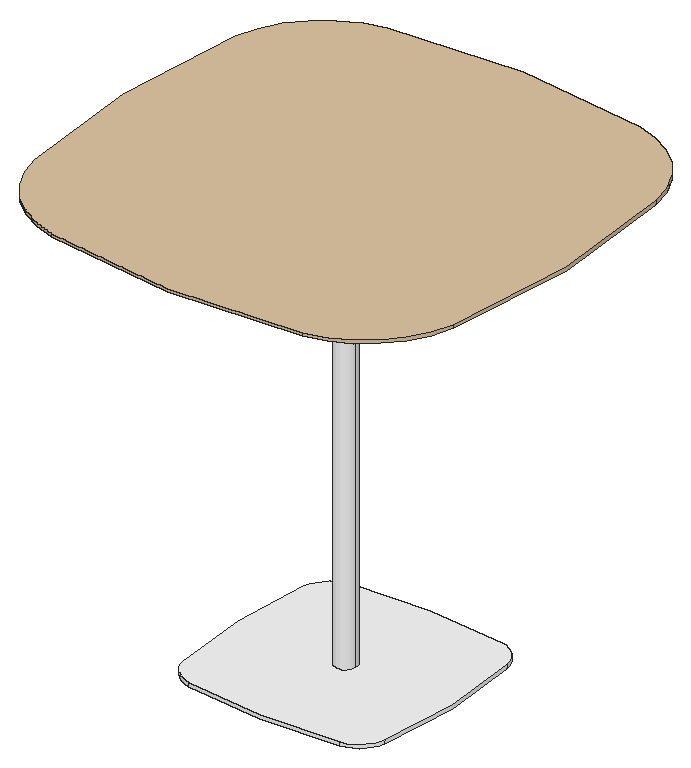
Revit family "TBL4 Steelcase Coalesse - Enea Lottus - Table - Cafe", category Furniture, Revit 2017
Family settings
  Work Plane-Based = No
  Always vertical = Yes
  Cut with Voids When Loaded = No
  Shared = No
  Room Calculation Point = No
Parameters (values of type "Bar Height - 42" W")
  Width = 42.34"
  URL = "http://www.coalesse.com/"
  Type Comments = ""
  Top [instance] = none
  Symbol Name = "COL442"
  Style Number(s) = "COEL4242"
  Release Date = "January 2011"  # constant formula
  Product Line = "Coalesse Seating / Occasional Tables"  # constant formula
  Product = "Enea Lottus"  # constant formula
  Opaque [instance] = yes
  Model = ""
  Manufacturer = "Steelcase"  # constant formula
  Height = 42.00"
  Draw in Foreground [instance] = yes
  Description = ""  # constant formula
  Copyright = "© 2010 Steelcase Inc."  # constant formula
  Center = Width / 2  # 21.17"
  Base/Frame [instance] = none
  AutoCAD Tag = "42/42"
  Authoring Version = "Revit Architecture 2009"  # constant formula
  Assembly Code = "E2020200"
  42'' W (Opaque) [instance] = and([42'' W], Opaque)  # yes
  42'' W = and(Width = 42.34")  # yes
  36'' W (Opaque) [instance] = and([36'' W], Opaque)  # no
  36'' W = and(Width = 36.34")  # no
  30'' W (Opaque) [instance] = and([30'' W], Opaque)  # no
  30'' W = and(Width = 30.34")  # no
  24'' W (Opaque) [instance] = and([24'' W], Opaque)  # no
  24'' W = and(Width = 24.00")  # no
Types (8): name | Width | Symbol Name | Style Number(s) | Height | Center | AutoCAD Tag | 42'' W (Opaque) | 42'' W | 36'' W (Opaque) | 36'' W | 30'' W (Opaque) | 30'' W | 24'' W (Opaque) | 24'' W
  Counter Height - 30" W | 30.34" | "COL630" | "COEL3630" | 36.00" | 15.17" | "30/30" | no | no | no | no | yes | yes | no | no
  Counter Height - 36" W | 36.34" | "COL636" | "COEL3636" | 36.00" | 18.17" | "36/36" | no | no | yes | yes | no | no | no | no
  Counter Height - 42" W | 42.34" | "COL642" | "COEL3642" | 36.00" | 21.17" | "42/42" | yes | yes | no | no | no | no | no | no
  Counter Height - 24" W | 24.00" | "COL624" | "COEL3624" | 36.00" | 12.00" | "24/24" | no | no | no | no | no | no | yes | yes
  Bar Height - 24" W | 24.00" | "COL424" | "COEL4224" | 42.00" | 12.00" | "24/24" | no | no | no | no | no | no | yes | yes
  Bar Height - 30" W | 30.34" | "COL430" | "COEL4230" | 42.00" | 15.17" | "30/30" | no | no | no | no | yes | yes | no | no
  Bar Height - 36" W | 36.34" | "COL436" | "COEL4236" | 42.00" | 18.17" | "36/36" | no | no | yes | yes | no | no | no | no
  Bar Height - 42" W | 42.34" | "COL442" | "COEL4242" | 42.00" | 21.17" | "42/42" | yes | yes | no | no | no | no | no | no
Reference planes (in)
  plane 1 "Back": y = 0
  plane 2 "Bottom": z = 0
  plane 3 "Left": x = 0
  plane 4: z = 42
  plane 5: z = 41.70264
  plane 6 "Center (Left/Right)": x = 21.17
  plane 7 "Center (Front/Back)": y = -21.17
  plane 8: z = 41.49717
  plane 9: z = 41.22811
Forms (in)
  Blend 1, solid, material <- "Top", visible <- "30'' W"
    base sketch origin (0, 0, 0) x (1, 0, 0) y (0, 1, 0)
      loop
        arc (7.46634, -0.39817) -> (2.68527, -2.79845) -> (0.2851, -7.57959) r 8.5
        arc (0.2851, -7.57959) -> (-0.28518, -15.63771) -> (0.34658, -23.69125) r 54.28984
        arc (0.34658, -23.69125) -> (2.74237, -28.41348) -> (7.4687, -30.80114) r 8.5
        arc (7.4687, -30.80114) -> (15.51871, -31.41329) -> (23.56964, -30.81343) r 53.77593
        arc (23.56964, -30.81343) -> (28.2729, -28.45946) -> (30.69072, -23.78871) r 8.5
        arc (30.69072, -23.78871) -> (31.35975, -15.58133) -> (30.6832, -7.37456) r 50.39377
        arc (30.6832, -7.37456) -> (28.23007, -2.67563) -> (23.4697, -0.34395) r 8.5
        arc (23.4697, -0.34395) -> (15.4661, 0.19704) -> (7.46634, -0.39817) r 56.63626
    top sketch origin (0, 0, 0) x (1, 0, 0) y (0, 1, 0)
      loop
        arc (7.53866, -0.89291) -> (3.03883, -3.152) -> (0.77984, -7.65189) r 8
        arc (0.77984, -7.65189) -> (0.21482, -15.63581) -> (0.84075, -23.61517) r 53.78984
        arc (0.84075, -23.61517) -> (3.09561, -28.05962) -> (7.54393, -30.30683) r 8
        arc (7.54393, -30.30683) -> (15.51909, -30.91329) -> (23.49516, -30.31901) r 53.27593
        arc (23.49516, -30.31901) -> (27.92176, -28.10351) -> (30.19736, -23.7075) r 8
        arc (30.19736, -23.7075) -> (30.85975, -15.58156) -> (30.18991, -7.45622) r 49.89377
        arc (30.18991, -7.45622) -> (27.88108, -3.0337) -> (23.40074, -0.83917) r 8
        arc (23.40074, -0.83917) -> (15.46779, -0.30296) -> (7.53866, -0.89291) r 56.13626
    from 41.70264 to 41.49717
  Extrusion 2, solid, material <- "Base/Frame"
    sketch origin (21.17, -21.17, 0) x (-1, 0, 0) y (0, -1, 0)
      loop
        circle (0, 0) r 6.87196
    from 41.22811 to 41.49717
  Extrusion 3, solid, material <- "Base/Frame"
    sketch origin (21.17, -21.17, 0) x (-1, 0, 0) y (0, -1, 0)
      loop
        circle (-0.00001, 0) r 0.99065
    from 0.63512 to 41.22811
  Extrusion 4, solid, material <- "Base/Frame"
    sketch origin (21.17, -21.17, 0) x (-1, 0, 0) y (0, -1, 0)
      loop
        arc (9.73023, -7.21803) -> (10.24168, 0.0089) -> (9.67509, 7.23172) r 48.68984
        arc (9.67509, 7.23172) -> (8.8577, 8.84283) -> (7.24519, 9.65745) r 2.9
        arc (7.24519, 9.65745) -> (0.03348, 10.20585) -> (-7.17906, 9.66846) r 48.17593
        arc (-7.17906, 9.66846) -> (-8.78371, 8.86534) -> (-9.60861, 7.27179) r 2.9
        arc (-9.60861, 7.27179) -> (-10.20329, -0.02355) -> (-9.60192, -7.31834) r 44.79377
        arc (-9.60192, -7.31834) -> (-8.76497, -8.9215) -> (-7.14085, -9.71702) r 2.9
        arc (-7.14085, -9.71702) -> (0.07139, -10.20452) -> (7.28015, -9.66816) r 51.03626
        arc (7.28015, -9.66816) -> (8.91134, -8.84924) -> (9.73023, -7.21803) r 2.9
    from 0.32262 to 0.63512
  Extrusion 5, solid
    sketch origin (21.17, -21.17, 0) x (-1, 0, 0) y (0, -1, 0)
      loop
        circle (7.76294, -7.80226) r 0.375
      loop
        circle (-7.76294, -7.80226) r 0.375
      loop
        circle (7.76294, 7.80226) r 0.375
      loop
        circle (-7.76294, 7.80226) r 0.375
    from 0 to 0.32262
  Blend 6, solid, material <- "Top", visible <- "36'' W"
    base sketch origin (0, 0, 0) x (1, 0, 0) y (0, 1, 0)
      loop
        arc (35.65655, -8.32723) -> (33.13184, -3.30654) -> (28.12103, -0.76229) r 9
        arc (28.12103, -0.76229) -> (18.22999, 0.00086) -> (8.33641, -0.72883) r 65.92509
        arc (8.33641, -0.72883) -> (3.30789, -3.26524) -> (0.77148, -8.29376) r 9
        arc (0.77148, -8.29376) -> (0.04177, -18.17046) -> (0.79983, -28.04502) r 65.92509
        arc (0.79983, -28.04502) -> (3.33237, -33.048) -> (8.33535, -35.58054) r 9
        arc (8.33535, -35.58054) -> (18.19299, -36.33857) -> (28.05314, -35.6139) r 65.92509
        arc (28.05314, -35.6139) -> (33.07383, -33.08919) -> (35.61808, -28.07838) r 9
        arc (35.61808, -28.07838) -> (36.3812, -18.20425) -> (35.65655, -8.32723) r 65.92509
    top sketch origin (0, 0, 0) x (1, 0, 0) y (0, 1, 0)
      loop
        arc (35.16205, -8.40116) -> (32.7776, -3.6594) -> (28.04517, -1.2565) r 8.5
        arc (28.04517, -1.2565) -> (18.22914, -0.49914) -> (8.41061, -1.22329) r 65.42509
        arc (8.41061, -1.22329) -> (3.66144, -3.61879) -> (1.26594, -8.36795) r 8.5
        arc (1.26594, -8.36795) -> (0.54177, -18.16974) -> (1.29408, -27.96941) r 65.42509
        arc (1.29408, -27.96941) -> (3.68592, -32.69445) -> (8.41096, -35.08629) r 8.5
        arc (8.41096, -35.08629) -> (18.19384, -35.83858) -> (27.97921, -35.1194) r 65.42509
        arc (27.97921, -35.1194) -> (32.72096, -32.73495) -> (35.12387, -28.00252) r 8.5
        arc (35.12387, -28.00252) -> (35.8812, -18.20328) -> (35.16205, -8.40116) r 65.42509
    from 41.70264 to 41.49717
  Blend 7, solid, material <- "Top", visible <- "42'' W"
    base sketch origin (0, 0, 0) x (1, 0, 0) y (0, 1, 0)
      loop
        arc (41.26072, -9.15984) -> (38.51159, -3.90706) -> (33.27138, -1.13406) r 10
        arc (33.27138, -1.13406) -> (21.188, 0.00003) -> (9.10149, -1.10014) r 65.92509
        arc (9.10149, -1.10014) -> (3.84545, -3.8665) -> (1.08551, -9.12593) r 10
        arc (1.08551, -9.12593) -> (0.00002, -21.17923) -> (1.13614, -33.22785) r 65.92509
        arc (1.13614, -33.22785) -> (3.89405, -38.45162) -> (9.11886, -41.20756) r 10
        arc (9.11886, -41.20756) -> (21.14296, -42.33909) -> (33.17172, -41.25812) r 65.92509
        arc (33.17172, -41.25812) -> (38.42021, -38.51211) -> (41.19432, -33.27842) r 10
        arc (41.19432, -33.27842) -> (42.33988, -21.22219) -> (41.26072, -9.15984) r 65.92509
    top sketch origin (0, 0, 0) x (1, 0, 0) y (0, 1, 0)
      loop
        arc (40.7689, -9.24995) -> (38.15723, -4.25981) -> (33.17903, -1.62546) r 9.5
        arc (33.17903, -1.62546) -> (21.1873, -0.49997) -> (9.19246, -1.5918) r 65.42509
        arc (9.19246, -1.5918) -> (4.19921, -4.21984) -> (1.57727, -9.21629) r 9.5
        arc (1.57727, -9.21629) -> (0.50002, -21.17817) -> (1.62753, -33.13542) r 65.42509
        arc (1.62753, -33.13542) -> (4.24754, -38.098) -> (9.21111, -40.71614) r 9.5
        arc (9.21111, -40.71614) -> (21.14401, -41.83909) -> (33.08154, -40.76632) r 65.42509
        arc (33.08154, -40.76632) -> (38.06761, -38.15761) -> (40.70301, -33.1856) r 9.5
        arc (40.70301, -33.1856) -> (41.83988, -21.22082) -> (40.7689, -9.24995) r 65.42509
    from 41.70264 to 41.49717
  Blend 8, solid, material <- "Top", visible <- "24'' W"
    base sketch origin (30.39697, -30.39697, 0) x (-1, 0, 0) y (0, -1, 0)
      loop
        arc (-2.42528, -3.08512) -> (-2.79118, -9.17386) -> (-2.41877, -15.26221) r 50.39377
        arc (-2.41877, -15.26221) -> (-0.59902, -18.97346) -> (3.12925, -20.75809) r 6.3
        arc (3.12925, -20.75809) -> (9.17301, -21.09627) -> (15.21649, -20.75307) r 53.77593
        arc (15.21649, -20.75307) -> (18.94164, -18.96697) -> (20.75939, -15.25715) r 6.3
        arc (20.75939, -15.25715) -> (21.13118, -9.17387) -> (20.76589, -3.09019) r 50.39377
        arc (20.76589, -3.09019) -> (18.95, 0.62368) -> (15.22294, 2.41234) r 6.3
        arc (15.22294, 2.41234) -> (9.17301, 2.75627) -> (3.12279, 2.41736) r 53.77593
        arc (3.12279, 2.41736) -> (-0.60738, 0.63018) -> (-2.42528, -3.08512) r 6.3
    top sketch origin (30.39697, -30.39697, 0) x (-1, 0, 0) y (0, -1, 0)
      loop
        arc (-1.92891, -3.14526) -> (-2.29118, -9.1736) -> (-1.92246, -15.20154) r 49.89377
        arc (-1.92246, -15.20154) -> (-0.24714, -18.61824) -> (3.18523, -20.26123) r 5.8
        arc (3.18523, -20.26123) -> (9.1728, -20.59627) -> (15.16009, -20.25626) r 53.27593
        arc (15.16009, -20.25626) -> (18.5896, -18.61191) -> (20.26307, -15.19653) r 5.8
        arc (20.26307, -15.19653) -> (20.63118, -9.1736) -> (20.26952, -3.15028) r 49.89377
        arc (20.26952, -3.15028) -> (18.59774, 0.26883) -> (15.16648, 1.91554) r 5.8
        arc (15.16648, 1.91554) -> (9.1728, 2.25627) -> (3.17884, 1.92051) r 53.27593
        arc (3.17884, 1.92051) -> (-0.25529, 0.27517) -> (-1.92891, -3.14526) r 5.8
    from 41.70264 to 41.49717
  Extrusion 9, solid, material <- "Top", visible <- "30'' W"
    sketch origin (69.60734, 28.43728, 0) x (0, -1, 0) y (1, 0, 0)
      loop
        arc (28.83545, -62.141) -> (31.23573, -66.92207) -> (36.01687, -69.32225) r 8.5
        arc (36.01687, -69.32225) -> (44.07499, -69.89252) -> (52.12854, -69.26077) r 54.28984
        arc (52.12854, -69.26077) -> (56.85076, -66.86498) -> (59.23842, -62.13864) r 8.5
        arc (59.23842, -62.13864) -> (59.85057, -54.08864) -> (59.25071, -46.03771) r 53.77593
        arc (59.25071, -46.03771) -> (56.89674, -41.33445) -> (52.22599, -38.91662) r 8.5
        arc (52.22599, -38.91662) -> (44.01861, -38.24759) -> (35.81184, -38.92414) r 50.39377
        arc (35.81184, -38.92414) -> (31.11291, -41.37728) -> (28.78123, -46.13764) r 8.5
        arc (28.78123, -46.13764) -> (28.24024, -54.14124) -> (28.83545, -62.141) r 56.63626
    from 41.70264 to 42
  Extrusion 10, solid, material <- "Top", visible <- "36'' W"
    sketch origin (69.60734, 28.43728, 0) x (0, -1, 0) y (1, 0, 0)
      loop
        arc (64.01782, -61.27199) -> (64.77586, -51.41435) -> (64.05118, -41.5542) r 65.92509
        arc (64.05118, -41.5542) -> (61.52647, -36.53351) -> (56.51566, -33.98926) r 9
        arc (56.51566, -33.98926) -> (46.64153, -33.22615) -> (36.76451, -33.95079) r 65.92509
        arc (36.76451, -33.95079) -> (31.74382, -36.4755) -> (29.19957, -41.48631) r 9
        arc (29.19957, -41.48631) -> (28.43642, -51.37736) -> (29.16611, -61.27093) r 65.92509
        arc (29.16611, -61.27093) -> (31.70252, -66.29946) -> (36.73104, -68.83587) r 9
        arc (36.73104, -68.83587) -> (46.60774, -69.56558) -> (56.4823, -68.80752) r 65.92509
        arc (56.4823, -68.80752) -> (61.48528, -66.27498) -> (64.01782, -61.27199) r 9
    from 41.70264 to 42
  Extrusion 11, solid, material <- "Top", visible <- "42'' W"
    sketch origin (69.60734, 28.43728, 0) x (0, -1, 0) y (1, 0, 0)
      loop
        arc (69.64484, -60.48848) -> (70.77637, -48.46438) -> (69.6954, -36.43563) r 65.92509
        arc (69.6954, -36.43563) -> (66.94939, -31.18713) -> (61.7157, -28.41302) r 10
        arc (61.7157, -28.41302) -> (49.65947, -27.26747) -> (37.59713, -28.34663) r 65.92509
        arc (37.59713, -28.34663) -> (32.34435, -31.09575) -> (29.57134, -36.33597) r 10
        arc (29.57134, -36.33597) -> (28.43725, -48.41934) -> (29.53742, -60.50585) r 65.92509
        arc (29.53742, -60.50585) -> (32.30379, -65.7619) -> (37.56321, -68.52184) r 10
        arc (37.56321, -68.52184) -> (49.61651, -69.60732) -> (61.66514, -68.4712) r 65.92509
        arc (61.66514, -68.4712) -> (66.8889, -65.71329) -> (69.64484, -60.48848) r 10
    from 41.70264 to 42
  Extrusion 12, solid, material <- "Top", visible <- "24'' W"
    sketch origin (21.17, -21.17, 0) x (-1, 0, 0) y (0, -1, 0)
      loop
        arc (-11.64574, -6.03525) -> (-9.82599, -9.74649) -> (-6.09772, -11.53112) r 6.3
        arc (-6.09772, -11.53112) -> (-0.05396, -11.8693) -> (5.98952, -11.5261) r 53.77593
        arc (5.98952, -11.5261) -> (9.71467, -9.74) -> (11.53242, -6.03018) r 6.3
        arc (11.53242, -6.03018) -> (11.90421, 0.0531) -> (11.53893, 6.13678) r 50.39377
        arc (11.53893, 6.13678) -> (9.72303, 9.85065) -> (5.99597, 11.63931) r 6.3
        arc (5.99597, 11.63931) -> (-0.05396, 11.98323) -> (-6.10418, 11.64433) r 53.77593
        arc (-6.10418, 11.64433) -> (-9.83435, 9.85715) -> (-11.65225, 6.14185) r 6.3
        arc (-11.65225, 6.14185) -> (-12.01815, 0.0531) -> (-11.64574, -6.03525) r 50.39377
    from 41.70264 to 42
Lines and regions (in)
  Masking region 1, visible <- "24'' W (Opaque)", built-in parameter 1006206 <- "Draw in Foreground"
    outline origin (-781.76883, 198.18267, 0) x (0, -1, 0) y (1, 0, 0)
      loop
        arc (198.49738, 799.23802) -> (198.15815, 793.83605) -> (198.49787, 788.4341) r 43.15004
        arc (198.49787, 788.4341) -> (200.33895, 784.04832) -> (204.67831, 782.10033) r 6.48164
        arc (204.67831, 782.10033) -> (210.14385, 781.75699) -> (215.60684, 782.13876) r 41.35856
        arc (215.60684, 782.13876) -> (219.75501, 783.88663) -> (221.69487, 787.94857) r 6.33462
        arc (221.69487, 787.94857) -> (222.1094, 793.63714) -> (221.72983, 799.32815) r 40.96619
        arc (221.72983, 799.32815) -> (219.8063, 803.55325) -> (215.5272, 805.35345) r 6.37492
        arc (215.5272, 805.35345) -> (210.10683, 805.73463) -> (204.68695, 805.34658) r 38.38392
        arc (204.68695, 805.34658) -> (200.40323, 803.497) -> (198.49738, 799.23802) r 6.43133
  Masking region 2, visible <- "42'' W (Opaque)", built-in parameter 1006206 <- "Draw in Foreground"
    outline origin (0, 0, 0) x (0, -1, 0) y (1, 0, 0)
      loop
        arc (41.20756, 9.11886) -> (42.33909, 21.14296) -> (41.25812, 33.17172) r 65.92509
        arc (41.25812, 33.17172) -> (38.51211, 38.42021) -> (33.27842, 41.19432) r 10
        arc (33.27842, 41.19432) -> (21.22219, 42.33988) -> (9.15984, 41.26072) r 65.92509
        arc (9.15984, 41.26072) -> (3.90706, 38.51159) -> (1.13406, 33.27138) r 10
        arc (1.13406, 33.27138) -> (-0.00003, 21.188) -> (1.10014, 9.10149) r 65.92509
        arc (1.10014, 9.10149) -> (3.8665, 3.84545) -> (9.12593, 1.08551) r 10
        arc (9.12593, 1.08551) -> (21.17923, 0.00002) -> (33.22785, 1.13614) r 65.92509
        arc (33.22785, 1.13614) -> (38.45162, 3.89405) -> (41.20756, 9.11886) r 10
  Masking region 3, visible <- "36'' W (Opaque)", built-in parameter 1006206 <- "Draw in Foreground"
    outline origin (0, 0, 0) x (0, -1, 0) y (1, 0, 0)
      loop
        arc (35.6139, 28.05314) -> (33.08919, 33.07383) -> (28.07838, 35.61808) r 9
        arc (28.07838, 35.61808) -> (18.20425, 36.3812) -> (8.32723, 35.65655) r 65.92509
        arc (8.32723, 35.65655) -> (3.30654, 33.13184) -> (0.76229, 28.12103) r 9
        arc (0.76229, 28.12103) -> (-0.00086, 18.22999) -> (0.72883, 8.33641) r 65.92509
        arc (0.72883, 8.33641) -> (3.26524, 3.30789) -> (8.29376, 0.77148) r 9
        arc (8.29376, 0.77148) -> (18.17046, 0.04177) -> (28.04502, 0.79983) r 65.92509
        arc (28.04502, 0.79983) -> (33.048, 3.33237) -> (35.58054, 8.33535) r 9
        arc (35.58054, 8.33535) -> (36.33857, 18.19299) -> (35.6139, 28.05314) r 65.92509
  Masking region 4, visible <- "30'' W (Opaque)", built-in parameter 1006206 <- "Draw in Foreground"
    outline origin (0, 0, 0) x (0, -1, 0) y (1, 0, 0)
      loop
        arc (8.47381, 30.7315) -> (2.86316, 28.30899) -> (0.36694, 22.73074) r 8.4235
        arc (0.36694, 22.73074) -> (-0.07737, 15.65544) -> (0.36758, 8.58019) r 56.51626
        arc (0.36758, 8.58019) -> (2.77896, 2.83586) -> (8.46248, 0.28446) r 8.4894
        arc (8.46248, 0.28446) -> (15.62104, -0.16524) -> (22.77625, 0.33479) r 54.16984
        arc (22.77625, 0.33479) -> (28.20936, 2.62409) -> (30.75012, 7.94425) r 8.29684
        arc (30.75012, 7.94425) -> (31.29306, 15.39492) -> (30.79591, 22.84878) r 53.65593
        arc (30.79591, 22.84878) -> (28.27655, 28.38266) -> (22.67194, 30.7405) r 8.34962
        arc (22.67194, 30.7405) -> (15.57255, 31.23975) -> (8.47381, 30.7315) r 50.27377
  reference lines
    curve 1: line (21.17, -21.17, 0) -> (18.67, -21.17, 0)
    curve 2: line (21.17, -29.7256, 0) -> (21.17, -24.7256, 0)
    curve 35: line (0, 0, 0) -> (0, -3, 0)
  symbolic lines, style "Steelcase Coalesse - Table - Line", visible <- "24'' W", built-in parameter 1006206 <- "Draw in Foreground"
    curve 3: arc (17.46919, -0.31471, 0) -> (12.06721, 0.02452, 0) -> (6.66527, -0.3152, 0) r 43.15004
    curve 4: arc (6.66527, -0.3152, 0) -> (2.27949, -2.15629, 0) -> (0.3315, -6.49564, 0) r 6.48164
    curve 5: arc (0.3315, -6.49564, 0) -> (-0.01185, -11.96118, 0) -> (0.36993, -17.42417, 0) r 41.35856
    curve 6: arc (0.36993, -17.42417, 0) -> (2.1178, -21.57234, 0) -> (6.17974, -23.5122, 0) r 6.33462
    curve 7: arc (6.17974, -23.5122, 0) -> (11.86831, -23.92673, 0) -> (17.55931, -23.54716, 0) r 40.96619
    curve 8: arc (17.55931, -23.54716, 0) -> (21.78442, -21.62364, 0) -> (23.58462, -17.34453, 0) r 6.37492
    curve 9: arc (23.58462, -17.34453, 0) -> (23.96579, -11.92416, 0) -> (23.57775, -6.50429, 0) r 38.38392
    curve 10: arc (23.57775, -6.50429, 0) -> (21.72817, -2.22057, 0) -> (17.46919, -0.31471, 0) r 6.43133
  symbolic lines, style "Steelcase Coalesse - Table - Hidden Line", built-in parameter 1006206 <- "Draw in Foreground", detail levels medium+fine
    curve 11: arc (15.24256, -11.37991, 0) -> (21.17, -10.96529, 0) -> (27.08573, -11.5226, 0) r 36.32377
    curve 12: arc (10.96461, -15.40424, 0) -> (12.43829, -12.68485, 0) -> (15.24256, -11.37991, 0) r 4.92643
    curve 13: arc (10.92147, -27.09616, 0) -> (10.46917, -21.24845, 0) -> (10.96461, -15.40424, 0) r 36.29685
    curve 14: arc (14.41974, -31.0395, 0) -> (12.15742, -29.5231, 0) -> (10.92147, -27.09616, 0) r 5.40623
    curve 15: arc (26.7009, -31.1139, 0) -> (20.5574, -31.5596, 0) -> (14.41974, -31.0395, 0) r 39.28428
    curve 16: arc (30.53411, -27.50538, 0) -> (29.09101, -29.81263, 0) -> (26.7009, -31.1139, 0) r 5.36043
    curve 17: arc (30.74898, -16.12529, 0) -> (31.12375, -21.82444, 0) -> (30.53411, -27.50538, 0) r 33.81867
    curve 18: arc (27.08573, -11.5226, 0) -> (29.60474, -13.27686, 0) -> (30.74898, -16.12529, 0) r 5.36291
  symbolic lines, style "Steelcase Coalesse - Table - Line", visible <- "30'' W", built-in parameter 1006206 <- "Draw in Foreground"
    curve 19: arc (22.73074, -0.36694, 0) -> (15.65544, 0.07737, 0) -> (8.58019, -0.36758, 0) r 56.51626
    curve 20: arc (30.7315, -8.47381, 0) -> (28.30899, -2.86316, 0) -> (22.73074, -0.36694, 0) r 8.4235
    curve 21: arc (30.7405, -22.67194, 0) -> (31.23975, -15.57255, 0) -> (30.7315, -8.47381, 0) r 50.27377
    curve 22: arc (22.84878, -30.79591, 0) -> (28.38266, -28.27655, 0) -> (30.7405, -22.67194, 0) r 8.34962
    curve 23: arc (7.94425, -30.75012, 0) -> (15.39492, -31.29306, 0) -> (22.84878, -30.79591, 0) r 53.65593
    curve 24: arc (0.33479, -22.77625, 0) -> (2.62409, -28.20936, 0) -> (7.94425, -30.75012, 0) r 8.29684
    curve 25: arc (0.28446, -8.46248, 0) -> (-0.16524, -15.62104, 0) -> (0.33479, -22.77625, 0) r 54.16984
    curve 26: arc (8.58019, -0.36758, 0) -> (2.83586, -2.77896, 0) -> (0.28446, -8.46248, 0) r 8.4894
  symbolic lines, style "Steelcase Coalesse - Table - Line", visible <- "36'' W", built-in parameter 1006206 <- "Draw in Foreground"
    curve 27: arc (26.66242, -0.47376, 0) -> (18.46711, 0.04089, 0) -> (10.27184, -0.47449, 0) r 65.46278
    curve 28: arc (35.9297, -9.86394, 0) -> (33.12371, -3.36512, 0) -> (26.66242, -0.47376, 0) r 9.75694
    curve 29: arc (35.94012, -26.30964, 0) -> (36.5184, -18.08642, 0) -> (35.9297, -9.86394, 0) r 58.2321
    curve 30: arc (26.79915, -35.71963, 0) -> (33.20904, -32.80145, 0) -> (35.94012, -26.30964, 0) r 9.67137
    curve 31: arc (9.53524, -35.66659, 0) -> (18.16534, -36.29547, 0) -> (26.79915, -35.71963, 0) r 62.14967
    curve 32: arc (0.72119, -26.43046, 0) -> (3.37289, -32.72363, 0) -> (9.53524, -35.66659, 0) r 9.61023
    curve 33: arc (0.6629, -9.85082, 0) -> (0.14201, -18.14257, 0) -> (0.72119, -26.43046, 0) r 62.74493
    curve 34: arc (10.27184, -0.47449, 0) -> (3.61819, -3.2676, 0) -> (0.6629, -9.85082, 0) r 9.83327
  symbolic lines, style "Steelcase Coalesse - Table - Line", visible <- "42'' W", built-in parameter 1006206 <- "Draw in Foreground"
    curve 36: arc (41.26072, -9.15984, 0) -> (38.51159, -3.90706, 0) -> (33.27138, -1.13406, 0) r 10
    curve 37: arc (33.27138, -1.13406, 0) -> (21.188, 0.00003, 0) -> (9.10149, -1.10014, 0) r 65.92509
    curve 38: arc (9.10149, -1.10014, 0) -> (3.84545, -3.8665, 0) -> (1.08551, -9.12593, 0) r 10
    curve 39: arc (1.08551, -9.12593, 0) -> (0.00002, -21.17923, 0) -> (1.13614, -33.22785, 0) r 65.92509
    curve 40: arc (1.13614, -33.22785, 0) -> (3.89405, -38.45162, 0) -> (9.11886, -41.20756, 0) r 10
    curve 41: arc (9.11886, -41.20756, 0) -> (21.14296, -42.33909, 0) -> (33.17172, -41.25812, 0) r 65.92509
    curve 42: arc (33.17172, -41.25812, 0) -> (38.42021, -38.51211, 0) -> (41.19432, -33.27842, 0) r 10
    curve 43: arc (41.19432, -33.27842, 0) -> (42.33988, -21.22219, 0) -> (41.26072, -9.15984, 0) r 65.92509
Dimensions and locks (in)
  "Center": curve 1 to plane 1 "Back"
  "Center": plane 3 "Left" to curve 2
  "Center": plane 3 "Left" to plane 6 "Center (Left/Right)"
  "Center": plane 7 "Center (Front/Back)" to plane 1 "Back"
  plane 4 to plane 5 to plane 8 to plane 9 = 0.29736" locked, 0.20546" locked, 0.26906" locked
  "Height": plane 4 to plane 2 "Bottom"
  aligned and locked: level to plane 2 "Bottom"
  aligned and locked: Blend 7 to plane 5
  aligned and locked: Blend 7 to plane 8
  aligned and locked: Extrusion 2 to plane 9
  aligned and locked: plane 8 to Extrusion 2
  aligned and locked: plane 9 to Extrusion 3
  aligned and locked: plane 5 to Blend 6
  aligned and locked: Blend 6 to plane 8
  aligned and locked: plane 5 to Blend 1
  aligned and locked: Blend 1 to plane 8
  aligned and locked: plane 5 to Blend 8
  aligned and locked: Blend 8 to plane 8
  aligned and locked: curve 35 to plane 3 "Left"
  aligned and locked: Extrusion 11 to plane 5
  aligned and locked: Extrusion 10 to plane 5
  aligned and locked: Extrusion 9 to plane 5
  aligned and locked: Extrusion 12 to plane 5
  aligned and locked: Extrusion 11 to plane 4
  aligned and locked: plane 4 to Extrusion 10
  aligned and locked: plane 4 to Extrusion 9
  aligned and locked: plane 4 to Extrusion 12
Automatic sketch dimensions
  Blend 1 sketch curve to plane 3 "Left" = 19.03401"  (x2)
  plane 3 "Left" to Blend 1 sketch curve = 0.2851"
  Blend 1 sketch curve to Blend 1 sketch curve = 0.00"  (x14)
  plane 3 "Left" to Blend 1 sketch curve = 0.34658"
  plane 1 "Back" to Blend 1 sketch curve = 0.39817"
  plane 3 "Left" to Blend 1 sketch curve = 7.46634"
  plane 3 "Left" to Blend 1 sketch curve = 7.4687"
  Blend 1 sketch curve to Blend 1 sketch curve = 1.22941"
  Blend 1 sketch curve to Blend 1 sketch curve = 8.40103"
  plane 3 "Left" to Blend 1 sketch curve = 15.55976"  (x2)
  plane 3 "Left" to Blend 1 sketch curve = 15.65798"  (x2)
  plane 1 "Back" to Blend 1 sketch curve = 8.76271"  (x2)
  Blend 1 sketch curve to Blend 1 sketch curve = 13.60157"  (x2)
  Blend 1 sketch curve to Blend 1 sketch curve = 13.55597"  (x2)
  Blend 1 sketch curve to Blend 1 sketch curve = 1.26607"
  Blend 1 sketch curve to Blend 1 sketch curve = 8.38588"
  Blend 1 sketch curve to Blend 1 sketch curve = 8.38715"
  plane 3 "Left" to Blend 1 sketch curve = 0.77984"
  plane 3 "Left" to Blend 1 sketch curve = 0.84075"
  plane 1 "Back" to Blend 1 sketch curve = 0.89291"
  plane 3 "Left" to Blend 1 sketch curve = 7.53866"
  plane 3 "Left" to Blend 1 sketch curve = 7.54393"
  Blend 1 sketch curve to Blend 1 sketch curve = 1.15709"
  Blend 1 sketch curve to Blend 1 sketch curve = 1.20367"
  Blend 1 sketch curve to Blend 1 sketch curve = 1.19159"
  Blend 1 sketch curve to Blend 1 sketch curve = 7.8926"
  Blend 1 sketch curve to Blend 1 sketch curve = 7.89379"
  Extrusion 2 sketch curve to curve 1 = 0.00"  (x2)
  curve 1 to Extrusion 3 sketch curve = 0.00"
  Extrusion 3 sketch curve to curve 1 = 0.00001"
  curve 1 to Extrusion 4 sketch curve = 0.17688"
  Extrusion 4 sketch curve to curve 1 = 38.44781"
  Extrusion 4 sketch curve to curve 1 = 9.60861"
  Extrusion 4 sketch curve to Extrusion 4 sketch curve = 0.00"  (x7)
  Extrusion 4 sketch curve to curve 1 = 9.60192"
  Extrusion 4 sketch curve to Extrusion 4 sketch curve = 2.42955"
  Extrusion 4 sketch curve to Extrusion 4 sketch curve = 2.46108"
  Extrusion 4 sketch curve to Extrusion 4 sketch curve = 0.43195"
  Extrusion 4 sketch curve to Extrusion 4 sketch curve = 2.86107"
  Extrusion 4 sketch curve to curve 1 = 0.10153"
  Extrusion 4 sketch curve to curve 1 = 0.0033"
  curve 1 to Extrusion 4 sketch curve = 4.30886"
  curve 1 to Extrusion 4 sketch curve = 4.36071"
  Extrusion 4 sketch curve to Extrusion 4 sketch curve = 0.43633"
  Extrusion 4 sketch curve to Extrusion 4 sketch curve = 0.41944"
  Extrusion 4 sketch curve to Extrusion 4 sketch curve = 2.86623"
  Extrusion 4 sketch curve to Extrusion 4 sketch curve = 2.86952"
  curve 1 to Extrusion 4 sketch curve = 0.00302"
  Extrusion 5 sketch curve to curve 1 = 7.76294"  (x2)
  curve 1 to Extrusion 5 sketch curve = 5.26294"  (x2)
  Extrusion 5 sketch curve to curve 1 = 7.80226"  (x2)
  curve 1 to Extrusion 5 sketch curve = 7.80226"  (x2)
  plane 1 "Back" to Blend 6 sketch curve = 18.07583"  (x2)
  Blend 6 sketch curve to plane 3 "Left" = 29.54377"  (x2)
  plane 3 "Left" to Blend 6 sketch curve = 0.77148"
  Blend 6 sketch curve to Blend 6 sketch curve = 0.00"  (x12)
  plane 3 "Left" to Blend 6 sketch curve = 0.79983"
  plane 3 "Left" to Blend 6 sketch curve = 8.33535"
  plane 1 "Back" to Blend 6 sketch curve = 0.72883"
  plane 3 "Left" to Blend 6 sketch curve = 8.33641"
  Blend 6 sketch curve to Blend 6 sketch curve = 1.33543"
  Blend 6 sketch curve to Blend 6 sketch curve = 8.8965"
  plane 3 "Left" to Blend 6 sketch curve = 18.11848"  (x2)
  plane 3 "Left" to Blend 6 sketch curve = 18.30454"  (x2)
  Blend 6 sketch curve to Blend 6 sketch curve = 1.33087"
  plane 1 "Back" to Blend 6 sketch curve = 0.76229"
  Blend 6 sketch curve to Blend 6 sketch curve = 1.36553"
  Blend 6 sketch curve to Blend 6 sketch curve = 8.8958"
  plane 3 "Left" to Blend 6 sketch curve = 1.26594"
  plane 3 "Left" to Blend 6 sketch curve = 1.29408"
  plane 1 "Back" to Blend 6 sketch curve = 1.22329"
  plane 3 "Left" to Blend 6 sketch curve = 8.41061"
  plane 3 "Left" to Blend 6 sketch curve = 8.41096"
  Blend 6 sketch curve to Blend 6 sketch curve = 8.40591"
  Blend 6 sketch curve to Blend 6 sketch curve = 1.28537"
  Blend 6 sketch curve to Blend 6 sketch curve = 1.25693"
  plane 1 "Back" to Blend 6 sketch curve = 1.2565"
  Blend 6 sketch curve to Blend 6 sketch curve = 1.28967"
  Blend 6 sketch curve to Blend 6 sketch curve = 8.40159"
  Blend 7 sketch curve to plane 3 "Left" = 23.58496"  (x2)
  plane 3 "Left" to Blend 7 sketch curve = 1.08551"
  Blend 7 sketch curve to Blend 7 sketch curve = 0.00"  (x13)
  plane 3 "Left" to Blend 7 sketch curve = 1.13614"
  plane 1 "Back" to Blend 7 sketch curve = 1.10014"
  plane 3 "Left" to Blend 7 sketch curve = 9.10149"
  plane 3 "Left" to Blend 7 sketch curve = 9.11886"
  Blend 7 sketch curve to Blend 7 sketch curve = 1.81934"
  Blend 7 sketch curve to Blend 7 sketch curve = 9.82764"
  plane 3 "Left" to Blend 7 sketch curve = 21.09549"  (x2)
  Blend 7 sketch curve to Blend 7 sketch curve = 1.80359"
  plane 1 "Back" to Blend 7 sketch curve = 1.13406"
  Blend 7 sketch curve to Blend 7 sketch curve = 1.84693"
  Blend 7 sketch curve to Blend 7 sketch curve = 9.8262"
  plane 3 "Left" to Blend 7 sketch curve = 1.57727"
  plane 3 "Left" to Blend 7 sketch curve = 1.62753"
  plane 1 "Back" to Blend 7 sketch curve = 1.5918"
  plane 3 "Left" to Blend 7 sketch curve = 9.19246"
  plane 3 "Left" to Blend 7 sketch curve = 9.21111"
  Blend 7 sketch curve to Blend 7 sketch curve = 1.72837"
  Blend 7 sketch curve to Blend 7 sketch curve = 1.75268"
  Blend 7 sketch curve to Blend 7 sketch curve = 1.71341"
  plane 1 "Back" to Blend 7 sketch curve = 1.62546"
  curve 1 to curve 2 = 0.00"
  curve 2 to curve 1 = 2.50"
  plane 1 "Back" to Blend 1 sketch curve = 0.34395"
  plane 1 "Back" to Blend 1 sketch curve = 0.83917"
  plane 1 "Back" to Blend 6 sketch curve = 8.32723"
  plane 1 "Back" to Blend 6 sketch curve = 8.40116"
  plane 1 "Back" to Blend 7 sketch curve = 9.15984"
  Blend 7 sketch curve to Blend 7 sketch curve = 9.83627"
  Blend 7 sketch curve to Blend 7 sketch curve = 1.75458"
  plane 1 "Back" to Blend 7 sketch curve = 9.24995"
  Blend 6 sketch curve to Blend 6 sketch curve = 17.02595"  (x2)
  plane 1 "Back" to Blend 6 sketch curve = 9.65809"  (x2)
  plane 3 "Left" to Blend 7 sketch curve = 21.28154"  (x2)
  Blend 7 sketch curve to Blend 7 sketch curve = 20.40434"  (x2)
  Blend 7 sketch curve to Blend 7 sketch curve = 0.05632"
  plane 1 "Back" to Blend 7 sketch curve = 10.96202"
  Blend 7 sketch curve to Blend 7 sketch curve = 9.33489"
  Blend 8 sketch curve to curve 1 = 0.08006"  (x2)
  Blend 8 sketch curve to curve 1 = 38.48954"  (x2)
  Blend 8 sketch curve to curve 1 = 11.65225"
  Blend 8 sketch curve to Blend 8 sketch curve = 0.00"  (x14)
  Blend 8 sketch curve to curve 1 = 11.64574"
  Blend 8 sketch curve to curve 1 = 8.60418"
  Blend 8 sketch curve to curve 1 = 8.59772"
  Blend 8 sketch curve to curve 1 = 7.89799"  (x2)
  Blend 8 sketch curve to curve 1 = 7.89229"  (x2)
  Blend 8 sketch curve to curve 1 = 2.57628"  (x4)
  Blend 8 sketch curve to Blend 8 sketch curve = 10.67119"  (x2)
  Blend 8 sketch curve to curve 1 = 5.3796"  (x2)
  Blend 8 sketch curve to Blend 8 sketch curve = 0.0057"  (x2)
  Blend 8 sketch curve to Blend 8 sketch curve = 0.71063"
  Blend 8 sketch curve to curve 1 = 11.63931"
  Blend 8 sketch curve to Blend 8 sketch curve = 0.71138"
  Blend 8 sketch curve to Blend 8 sketch curve = 6.25352"
  Blend 8 sketch curve to curve 1 = 11.15588"
  Blend 8 sketch curve to curve 1 = 11.14943"
  Blend 8 sketch curve to curve 1 = 8.54813"
  Blend 8 sketch curve to curve 1 = 8.54174"
  Blend 8 sketch curve to Blend 8 sketch curve = 0.65423"
  Blend 8 sketch curve to curve 1 = 11.1425"
  Blend 8 sketch curve to Blend 8 sketch curve = 0.65492"
  Blend 8 sketch curve to Blend 8 sketch curve = 5.75721"
  curve 13 to curve 1 = 0.21236"
  curve 13 to curve 1 = 25.59577"
  curve 18 to curve 1 = 9.57898"
  curve 17 to curve 1 = 6.33538"
  curve 17 to curve 1 = 9.36411"
  curve 17 to curve 18 = 3.66325"
  curve 16 to curve 16 = 3.83321"
  curve 16 to curve 1 = 4.24673"
  curve 18 to curve 1 = 4.23862"
  curve 1 to curve 15 = 0.37461"
  curve 1 to curve 11 = 0.43762"
  curve 1 to curve 14 = 2.46839"
  curve 1 to curve 12 = 2.85618"
  curve 1 to curve 12 = 3.42744"
  curve 1 to curve 14 = 4.25026"
  curve 12 to curve 12 = 4.84921"
  curve 15 to curve 13 = 3.49827"
  curve 17 to curve 1 = 0.01601"
  curve 13 to curve 17 = 13.65349"
  curve 1 to curve 13 = 5.76576"
  curve 11 to curve 17 = 4.60269"
  curve 11 to curve 12 = 4.02433"
  curve 1 to curve 16 = 4.73957"
  curve 1 to curve 14 = 4.76536"
  curve 35 to plane 1 "Back" = 0.00"
  curve 35 to curve 35 = 3.00"
  plane 7 "Center (Front/Back)" to curve 2 = 3.5556"
  curve 2 to curve 2 = 5.00"
  Masking region 1 sketch curve to curve 35 = 20.03927"
  Masking region 1 sketch curve to Masking region 1 sketch curve = 17.35398"
  Masking region 1 sketch curve to Masking region 1 sketch curve = 0.00049"
  Masking region 1 sketch curve to Masking region 1 sketch curve = 6.18044"
  Masking region 1 sketch curve to Masking region 1 sketch curve = 6.18957"
  Masking region 1 sketch curve to Masking region 1 sketch curve = 6.42344"
  Masking region 1 sketch curve to Masking region 1 sketch curve = 6.4801"
  Masking region 1 sketch curve to Masking region 1 sketch curve = 5.31147"
  Masking region 1 sketch curve to Masking region 1 sketch curve = 5.45285"
  Masking region 1 sketch curve to Masking region 1 sketch curve = 10.44358"
  Masking region 1 sketch curve to Masking region 1 sketch curve = 10.40373"
  Masking region 1 sketch curve to Masking region 1 sketch curve = 0.16281"
  Masking region 1 sketch curve to Masking region 1 sketch curve = 0.22514"
  Masking region 1 sketch curve to Masking region 1 sketch curve = 6.31317"
  Masking region 1 sketch curve to Masking region 1 sketch curve = 6.36544"
  Masking region 1 sketch curve to Masking region 1 sketch curve = 19.57836"
  Masking region 1 sketch curve to curve 35 = 14.41811"
  Masking region 1 sketch curve to Masking region 1 sketch curve = 14.74961"
  Masking region 1 sketch curve to Masking region 1 sketch curve = 0.03843"
  Masking region 1 sketch curve to Masking region 1 sketch curve = 5.80981"
  Masking region 1 sketch curve to Masking region 1 sketch curve = 6.33377"
  Masking region 1 sketch curve to Masking region 1 sketch curve = 5.32889"
  Masking region 1 sketch curve to Masking region 1 sketch curve = 5.49016"
  Masking region 1 sketch curve to Masking region 1 sketch curve = 0.31851"
  curve 7 to curve 35 = 20.03927"
  curve 7 to curve 3 = 17.35398"
  curve 10 to curve 4 = 0.00049"
  curve 4 to curve 5 = 6.18044"
  curve 10 to curve 10 = 6.18957"
  curve 10 to curve 10 = 0.23386"
  curve 5 to curve 4 = 0.29966"
  curve 9 to curve 5 = 5.31147"
  curve 4 to curve 9 = 5.45285"
  curve 10 to curve 8 = 10.44358"
  curve 4 to curve 6 = 10.40373"
  curve 8 to curve 9 = 0.16281"
  curve 6 to curve 6 = 0.22514"
  curve 6 to curve 6 = 6.31317"
  curve 8 to curve 7 = 6.36544"
  curve 23 to curve 3 = 65.48815"
  curve 23 to curve 20 = 22.72957"
  curve 20 to curve 26 = 0.00064"
  curve 19 to curve 25 = 8.09491"
  curve 19 to curve 21 = 8.10686"
  curve 21 to curve 20 = 0.3063"
  curve 19 to curve 26 = 8.48739"
  curve 20 to curve 25 = 6.95675"
  curve 25 to curve 21 = 7.14194"
  curve 20 to curve 22 = 13.67859"
  curve 26 to curve 24 = 13.6264"
  curve 22 to curve 21 = 0.21324"
  curve 24 to curve 24 = 0.29488"
  curve 24 to curve 23 = 8.26875"
  curve 22 to curve 22 = 8.3372"
  curve 31 to curve 19 = 82.29279"
  curve 31 to curve 28 = 26.32766"
  curve 28 to curve 34 = 0.00074"
  curve 27 to curve 33 = 9.37633"
  curve 27 to curve 29 = 9.39018"
  curve 28 to curve 28 = 0.35479"
  curve 33 to curve 34 = 0.45461"
  curve 29 to curve 33 = 8.05801"
  curve 34 to curve 29 = 8.27251"
  curve 28 to curve 30 = 15.84391"
  curve 34 to curve 32 = 15.78346"
  curve 30 to curve 29 = 0.247"
  curve 32 to curve 32 = 0.34156"
  curve 32 to curve 31 = 9.57769"
  curve 30 to curve 30 = 9.65698"
  curve 29 to curve 35 = 21.71369"
  curve 29 to curve 21 = 2.67968"
  curve 21 to curve 9 = 4.6159"
  curve 21 to curve 25 = 19.31847"
  curve 9 to curve 5 = 14.74961"
  curve 25 to curve 24 = 0.05033"
  curve 4 to curve 6 = 0.03843"
  curve 29 to curve 34 = 22.37658"
  curve 34 to curve 32 = 0.0583"
  curve 5 to curve 6 = 5.80981"
  curve 5 to curve 4 = 6.33377"
  curve 25 to curve 24 = 7.60946"
  curve 26 to curve 19 = 8.29573"
  curve 32 to curve 31 = 8.81404"
  curve 33 to curve 27 = 9.60894"
  curve 3 to curve 7 = 5.32889"
  curve 3 to curve 7 = 5.49016"
  curve 26 to curve 23 = 6.97957"
  curve 19 to curve 23 = 7.1908"
  curve 10 to curve 3 = 0.31851"
  curve 8 to curve 7 = 0.34753"
  curve 34 to curve 31 = 8.08444"
  curve 27 to curve 31 = 8.3291"
  curve 20 to curve 19 = 0.41717"
  curve 22 to curve 23 = 0.45518"
  curve 28 to curve 27 = 0.48321"
  curve 30 to curve 31 = 0.52724"
  Masking region 2 sketch curve to curve 35 = 23.58585"
  curve 35 to Masking region 2 sketch curve = 1.10014"
  Masking region 2 sketch curve to Masking region 2 sketch curve = 0.00"  (x6)
  curve 35 to Masking region 2 sketch curve = 1.13406"
  Masking region 2 sketch curve to curve 35 = 1.08551"
  curve 35 to Masking region 2 sketch curve = 6.12593"
  curve 35 to Masking region 2 sketch curve = 6.15984"
  Masking region 2 sketch curve to Masking region 2 sketch curve = 9.83311"
  curve 35 to Masking region 2 sketch curve = 7.96202"
  curve 35 to Masking region 2 sketch curve = 18.04072"  (x2)
  Masking region 2 sketch curve to curve 35 = 10.96379"
  Masking region 2 sketch curve to Masking region 2 sketch curve = 20.44597"
  Masking region 2 sketch curve to Masking region 2 sketch curve = 0.04289"
  Masking region 2 sketch curve to curve 35 = 1.13614"
  Masking region 2 sketch curve to Masking region 2 sketch curve = 1.84863"
  Masking region 2 sketch curve to Masking region 2 sketch curve = 1.8563"
  Masking region 2 sketch curve to curve 35 = 9.11886"
  Masking region 2 sketch curve to Masking region 2 sketch curve = 9.83601"
  curve 35 to curve 36 = 7.96202"
  curve 35 to curve 36 = 6.15984"
  curve 35 to curve 36 = 1.13406"
  curve 35 to curve 37 = 1.10014"
  curve 37 to curve 36 = 0.00"
  curve 35 to curve 37 = 9.10149"
  curve 38 to curve 35 = 1.08551"
  curve 35 to curve 38 = 6.12593"
  curve 35 to curve 38 = 7.93325"
  curve 38 to curve 37 = 0.00"
  curve 39 to curve 38 = 0.00"
  curve 39 to curve 35 = 1.13614"
  curve 40 to curve 39 = 1.84863"
  curve 40 to curve 39 = 0.00"
  curve 40 to curve 40 = 9.82834"
  curve 40 to curve 35 = 9.11886"
  curve 40 to curve 41 = 0.05056"
  curve 41 to curve 40 = 0.00"
  curve 42 to curve 41 = 9.83601"
  curve 42 to curve 42 = 1.8563"
  curve 42 to curve 41 = 1.80359"
  curve 42 to curve 41 = 0.00"
  curve 43 to curve 36 = 0.00"
  curve 43 to curve 42 = 0.00"
  Masking region 3 sketch curve to curve 35 = 18.30454"
  Masking region 3 sketch curve to curve 35 = 29.58642"
  curve 35 to Masking region 3 sketch curve = 0.72883"
  Masking region 3 sketch curve to Masking region 3 sketch curve = 0.00"  (x7)
  curve 35 to Masking region 3 sketch curve = 0.76229"
  Masking region 3 sketch curve to curve 35 = 0.77148"
  curve 35 to Masking region 3 sketch curve = 5.29376"
  curve 35 to Masking region 3 sketch curve = 5.32723"
  Masking region 3 sketch curve to Masking region 3 sketch curve = 8.90037"
  curve 35 to Masking region 3 sketch curve = 6.65809"
  curve 35 to Masking region 3 sketch curve = 15.07583"  (x2)
  Masking region 3 sketch curve to Masking region 3 sketch curve = 17.05484"
  Masking region 3 sketch curve to Masking region 3 sketch curve = 0.02881"
  Masking region 3 sketch curve to curve 35 = 0.79983"
  Masking region 3 sketch curve to Masking region 3 sketch curve = 1.36098"
  Masking region 3 sketch curve to Masking region 3 sketch curve = 1.36553"
  Masking region 3 sketch curve to Masking region 3 sketch curve = 8.90106"
  Masking region 4 sketch curve to curve 35 = 22.36263"
  curve 35 to Masking region 4 sketch curve = 0.36694"
  curve 35 to Masking region 4 sketch curve = 0.36758"
  Masking region 4 sketch curve to curve 35 = 0.28446"
  curve 35 to Masking region 4 sketch curve = 5.46248"
  curve 35 to Masking region 4 sketch curve = 5.47381"
  curve 35 to Masking region 4 sketch curve = 5.78011"
  curve 35 to Masking region 4 sketch curve = 5.85497"
  curve 35 to Masking region 4 sketch curve = 12.43056"
  curve 35 to Masking region 4 sketch curve = 12.60442"
  Masking region 4 sketch curve to Masking region 4 sketch curve = 13.67859"
  Masking region 4 sketch curve to Masking region 4 sketch curve = 13.6264"
  Masking region 4 sketch curve to Masking region 4 sketch curve = 0.21324"
  Masking region 4 sketch curve to curve 35 = 0.33479"
  Masking region 4 sketch curve to Masking region 4 sketch curve = 0.29488"
  Masking region 4 sketch curve to Masking region 4 sketch curve = 8.26875"
  Masking region 4 sketch curve to Masking region 4 sketch curve = 8.3372"
  Masking region 4 sketch curve to curve 35 = 15.65798"
  Masking region 4 sketch curve to Masking region 4 sketch curve = 25.64298"
  Masking region 4 sketch curve to curve 35 = 19.03401"
  Masking region 4 sketch curve to curve 35 = 7.94425"
  curve 35 to Masking region 4 sketch curve = 8.58019"
  Masking region 4 sketch curve to curve 35 = 15.55976"
  curve 35 to Masking region 4 sketch curve = 22.31357"
  Extrusion 12 sketch curve to curve 1 = 0.08006"
  Extrusion 12 sketch curve to curve 1 = 38.48954"
  Extrusion 12 sketch curve to curve 1 = 11.65225"
  Extrusion 12 sketch curve to Extrusion 12 sketch curve = 0.00"  (x7)
  curve 1 to Extrusion 12 sketch curve = 6.03525"
  Extrusion 12 sketch curve to curve 1 = 11.64574"
  Extrusion 12 sketch curve to curve 1 = 6.10418"
  Extrusion 12 sketch curve to curve 1 = 6.09772"
  Extrusion 12 sketch curve to curve 1 = 5.39799"
  Extrusion 12 sketch curve to Extrusion 12 sketch curve = 6.25344"
  Extrusion 12 sketch curve to curve 1 = 0.07628"  (x2)
  curve 1 to Extrusion 12 sketch curve = 2.7789"
  curve 1 to Extrusion 12 sketch curve = 2.78459"
  curve 1 to Extrusion 12 sketch curve = 3.48952"
  curve 1 to Extrusion 12 sketch curve = 3.49597"
  Extrusion 12 sketch curve to Extrusion 12 sketch curve = 6.25352"
  Extrusion 12 sketch curve to curve 1 = 6.13678"
  Extrusion 9 sketch curve to curve 35 = 25.36263"
  Extrusion 9 sketch curve to Extrusion 9 sketch curve = 22.70657"
  Extrusion 9 sketch curve to Extrusion 9 sketch curve = 0.00"  (x8)
  Extrusion 9 sketch curve to Extrusion 9 sketch curve = 0.05422"
  Extrusion 9 sketch curve to Extrusion 9 sketch curve = 7.03062"
  Extrusion 9 sketch curve to Extrusion 9 sketch curve = 7.18142"
  Extrusion 9 sketch curve to Extrusion 9 sketch curve = 1.38814"
  Extrusion 9 sketch curve to Extrusion 9 sketch curve = 8.41062"
  Extrusion 9 sketch curve to curve 35 = 54.00427"
  Extrusion 9 sketch curve to Extrusion 9 sketch curve = 8.056"
  Extrusion 9 sketch curve to Extrusion 9 sketch curve = 8.02483"
  Extrusion 9 sketch curve to Extrusion 9 sketch curve = 13.58911"
  Extrusion 9 sketch curve to Extrusion 9 sketch curve = 0.01035"
  Extrusion 9 sketch curve to Extrusion 9 sketch curve = 1.29335"
  Extrusion 9 sketch curve to Extrusion 9 sketch curve = 1.38046"
  Extrusion 9 sketch curve to Extrusion 9 sketch curve = 8.40324"
  Extrusion 9 sketch curve to Extrusion 9 sketch curve = 8.40518"
  Extrusion 10 sketch curve to curve 35 = 29.58642"
  Extrusion 10 sketch curve to curve 35 = 2.27117"
  Extrusion 10 sketch curve to Extrusion 10 sketch curve = 0.00"  (x7)
  Extrusion 10 sketch curve to Extrusion 10 sketch curve = 0.03346"
  Extrusion 10 sketch curve to Extrusion 10 sketch curve = 7.56494"  (x2)
  Extrusion 10 sketch curve to Extrusion 10 sketch curve = 8.90037"
  Extrusion 10 sketch curve to Extrusion 10 sketch curve = 8.8958"
  Extrusion 10 sketch curve to curve 35 = 65.96679"
  Extrusion 10 sketch curve to Extrusion 10 sketch curve = 9.74861"
  Extrusion 10 sketch curve to Extrusion 10 sketch curve = 9.78207"
  Extrusion 10 sketch curve to Extrusion 10 sketch curve = 17.05484"
  Extrusion 10 sketch curve to Extrusion 10 sketch curve = 0.02881"
  Extrusion 10 sketch curve to Extrusion 10 sketch curve = 1.36098"
  Extrusion 10 sketch curve to Extrusion 10 sketch curve = 1.36553"
  Extrusion 10 sketch curve to Extrusion 10 sketch curve = 8.8965"
  Extrusion 10 sketch curve to Extrusion 10 sketch curve = 8.90106"
  Extrusion 10 sketch curve to Extrusion 10 sketch curve = 30.3436"
  Extrusion 11 sketch curve to curve 35 = 26.58585"
  Extrusion 11 sketch curve to curve 35 = 1.89986"
  Extrusion 11 sketch curve to Extrusion 11 sketch curve = 0.00"  (x7)
  Extrusion 11 sketch curve to Extrusion 11 sketch curve = 0.03392"
  Extrusion 11 sketch curve to Extrusion 11 sketch curve = 8.02579"  (x2)
  Extrusion 11 sketch curve to Extrusion 11 sketch curve = 1.80732"
  Extrusion 11 sketch curve to Extrusion 11 sketch curve = 9.82796"
  Extrusion 11 sketch curve to curve 35 = 65.92496"
  Extrusion 11 sketch curve to Extrusion 11 sketch curve = 11.88088"
  Extrusion 11 sketch curve to Extrusion 11 sketch curve = 11.91479"
  Extrusion 11 sketch curve to Extrusion 11 sketch curve = 20.44597"
  Extrusion 11 sketch curve to Extrusion 11 sketch curve = 0.04289"
  Extrusion 11 sketch curve to Extrusion 11 sketch curve = 1.84863"
  Extrusion 11 sketch curve to Extrusion 11 sketch curve = 1.8563"
  Extrusion 11 sketch curve to Extrusion 11 sketch curve = 9.82834"
  Extrusion 11 sketch curve to Extrusion 11 sketch curve = 9.83601"
  Extrusion 11 sketch curve to Extrusion 11 sketch curve = 24.66687"
  radius of Extrusion 2 sketch curve = 6.87196"
  radius of Extrusion 3 sketch curve = 0.99065"
  radius of Extrusion 5 sketch curve = 0.375"  (x4)
